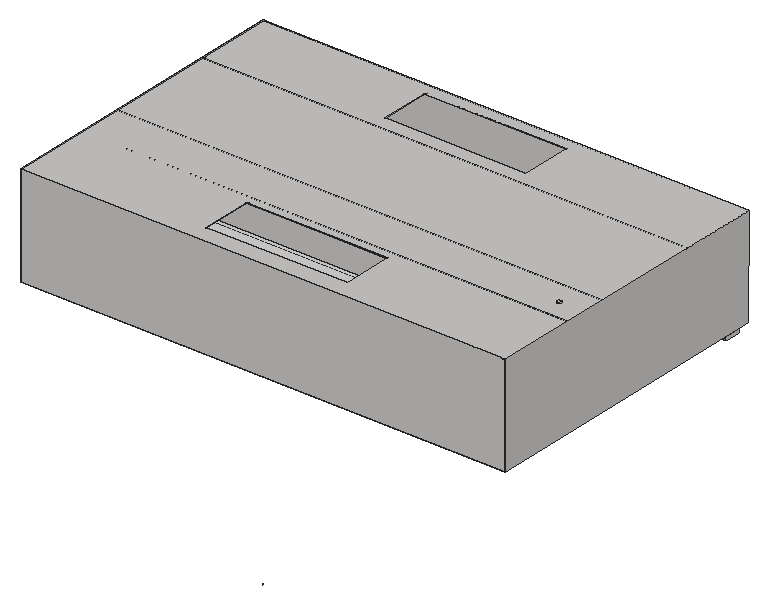
Revit family "QF_ELECTROLUXPROFESSIONAL_641260_STPF1524", category Attrezzature speciali, Revit 2021
Family settings
  Quota connettore circolare = Usa diametro
  Tipo di parte = Normale
  Basato su piano di lavoro = No
  Sempre verticale = Sì
  Taglio con vuoti quando caricato = No
  Condiviso = No
  Punto di calcolo locali = No
Parameters (values of type "Standard")
  Weight = 160.00 kg
  Watts = 160 W
  Volts = 220 V
  URL Manufacturer = "https://www.electroluxprofessional.com/"
  URL = "https://www.electroluxprofessional.com/"
  Steam Supply Size = 0 mm
  Steam Supply Minimum Pressure = 0.0 Pa
  Steam Supply Maximum Pressure = 0.0 Pa
  Steam Consumption per Hour = 0
  Refrigeration Suction Line Size = 0 mm
  Refrigeration Liquid Line Size = 0 mm
  Refrigerant Compressor Remote = yes
  Prospetto di default = 0 mm
  Produttore = "Electrolux Professional"
  Phase = 1
  Modello = "STPF1524"
  Length Actual = 2400 mm  # constant formula
  Item Number = "641260"
  Hot Water Size = 0 mm
  Height Actual = 500 mm  # constant formula
  HP = "0.2 HP"
  Gas Size = 0 mm
  Gas KW = 0
  Gas Input Pressure = 0 W
  Direct Waste Size = 0 mm
  Descrizione = "304 S/S WALL HOOD+FILTERS+LAMPS 240X150"
  Depth Actual = 1500 mm  # constant formula
  Cycle = 50 Hz
  Condensate Return Size = 0 mm
  Compressed Air Volume = 0.0 L/s
  Compressed Air Size = 0 mm
  Compressed Air Pressure = 0.0 Pa
  Cold Water Size = 0 mm
  Accessory = yes
Reference planes
  plane 1: z = 0
  plane 2 "Center (Left/Right)": x = 150
  plane 3 "LEFT": x = -1050
  plane 4 "RIGHT": x = 1350
  plane 5 "BACK": y = 550
  plane 6 "TOP": z = 2500
  plane 7 "Base": z = 2000
  plane 8: z = 1955
  plane 9 "DrainY": y = 490
  plane 10: x = -1047
  plane 11 "DrainX": x = 1230
  plane 12 "AOLeft2": x = 500
  plane 13: x = 1347
  plane 14: x = -850
  plane 15: x = 1150
  plane 16 "Center (Front/Back)": y = -100
  plane 17 "Front": y = -950
  plane 18 "AOLeft1": x = -200
  plane 19: y = -864
  plane 20: y = -614
  plane 21: y = 240
  plane 22: y = 490
  plane 23 "EI_y": y = -470
  plane 24 "EIx": x = 1230
Forms (mm)
  Extrusion 1, solid, material "QF_Finishes_Stainless Steel"
    sketch origin (-1050, 0, 360) x (0, 1, 0) y (0, 0, 1)
      loop
        line (550, 1640) -> (550, 2140) -> (-950, 2140) -> (-950, 1640) -> (550, 1640)
    from 0 to 3
  Extrusion 2, solid, material "QF_Finishes_Stainless Steel"
    sketch origin (1350, 0, 360) x (0, 1, 0) y (0, 0, 1)
      loop
        line (550, 1640) -> (550, 2140) -> (-950, 2140) -> (-950, 1640) -> (550, 1640)
    from 0 to -3
  Extrusion 3, solid, material "QF_Finishes_Stainless Steel"
    sketch origin (150, 0, 360) x (0, 1, 0) y (0, 0, 1)
      loop
        line (-950, 2140) -> (-950, 1640) -> (-940, 1640) -> (-940, 1640.8) -> (-949.2, 1640.8) -> (-949.2, 2139.19) -> (549.2, 2139.19) -> (549.2, 1640.8) -> (540, 1640.8) -> (540, 1640) -> (550, 1640) -> (550, 2140) -> (-950, 2140)
    from -1200 to 1200
  Extrusion 4, solid, material "QF_Finishes_Stainless Steel"
    sketch origin (0, 0, 2000) x (0, 1, 0) y (-1, 0, 0)
      loop
        circle (490, -1230) r 4.763
    from -30 to 0
  Extrusion 5, void
    sketch origin (0, 0, 2500) x (0, 1, 0) y (-1, 0, 0)
      loop
        line (-614, -500) -> (-614, 200) -> (-864, 200) -> (-864, -500) -> (-614, -500)
    from 0 to -10
  Extrusion 6, solid, material "QF_Finishes_Stainless Steel"
    sketch origin (0, 0, 0) x (1, 0, 0) y (0, 1, 0)
      loop
        line (-1050, 550) -> (-1050, 549) -> (-1049, 549) -> (-1049, 550) -> (-1050, 550)
    from 0 to 1
  Extrusion 7, solid, material "QF_LAMPS"
    sketch origin (150, 0, 360) x (0, 1, 0) y (0, 0, 1)
      loop
        line (-572.823, 1962.324) -> (-418.948, 2086.929) -> (-427.129, 2097.032) -> (-581.003, 1972.426) -> (-572.823, 1962.324)
    from 1197 to -1197
  Sweep 8, solid, material "QF_Finishes_Stainless Steel"
    path origin (0, 0, 0) x (1, 0, 0) y (0, 1, 0)
      loop
        line (1350, 550) -> (-1050, 550) -> (-1050, -950) -> (1350, -950) -> (1350, 550)
    profile origin (1350, -200, 0) x (1, 0, 0) y (0, 0, 1)
      loop
        line (-3, 2000) -> (-3, 2000.8) -> (-19, 2000.8) -> (-19, 2010) -> (-20, 2010) -> (-20, 2000) -> (-3, 2000)
  Extrusion 9, solid, material "QF_Finishes_Stainless Steel"
    sketch origin (150, 0, 0) x (0, 1, 0) y (0, 0, 1)
      loop
        line (414.66, 2095.469) -> (440.643, 2110.471) -> (261.744, 2411.771) -> (235.948, 2396.455) -> (414.66, 2095.469)
    from -1197 to -1000
  Extrusion 10, solid, material "QF_Finishes_Stainless Steel"
    sketch origin (1230, 0, 0) x (0, 1, 0) y (0, 0, 1)
      loop
        line (539, 2000) -> (441, 2000) -> (441, 1989) -> (448.5, 1989) -> (448.5, 1965)
        arc (448.5, 1965) -> (451.429, 1957.929) -> (458.5, 1955) r 10
        line (458.5, 1955) -> (521.5, 1955)
        arc (521.5, 1955) -> (528.571, 1957.929) -> (531.5, 1965) r 10
        line (531.5, 1965) -> (531.5, 1989) -> (539, 1989) -> (539, 2000)
    from 90 to -90
  Extrusion 11, solid, material "QF_Finishes_Stainless Steel"
    sketch origin (150, 0, 0) x (0, 1, 0) y (0, 0, 1)
      loop
        line (414.66, 2095.469) -> (440.643, 2110.471) -> (261.744, 2411.771) -> (235.948, 2396.455) -> (414.66, 2095.469)
    from 1000 to 1197
  Extrusion 12, solid, material "QF_Finished_Chrome"
    sketch origin (150, 0, 0) x (0, 1, 0) y (0, 0, 1)
      loop
        line (414.66, 2095.469) -> (440.643, 2110.471) -> (261.744, 2411.771) -> (235.948, 2396.455) -> (414.66, 2095.469)
    from -1000 to 1000
  Extrusion 13, void
    sketch origin (0, 1180, 2500) x (0, 1, 0) y (-1, 0, 0)
      loop
        line (-690, -500) -> (-690, 200) -> (-940, 200) -> (-940, -500) -> (-690, -500)
    from 0 to -10
  Extrusion 14, solid, material "QF_Finishes_Stainless Steel"
    sketch origin (0, 0, 2500) x (0, 1, 0) y (-1, 0, 0)
      loop
        circle (-470, -1230) r 10
    from 0 to 1.6
  Extrusion 15, solid, material "QF_Finishes_Stainless Steel"
    sketch origin (150, 0, 360) x (0, 1, 0) y (0, 0, 1)
      loop
        line (430.005, 1640) -> (540, 1640) -> (540, 1640.8) -> (430.467, 1640.8) -> (371.906, 1742.23) -> (414.858, 1734.657) -> (442.266, 1750.481) -> (442.266, 1765.943) -> (441.466, 1765.943) -> (441.466, 1750.943) -> (414.709, 1735.495) -> (321.153, 1751.991) -> (320.875, 1750.416) -> (371.4, 1741.507) -> (430.005, 1640)
      loop
        line (172.529, 2139.19) -> (242.893, 2017.316) -> (245.133, 2018.715) -> (240.13, 2027.381) -> (238.569, 2026.405) -> (173.453, 2139.19) -> (172.529, 2139.19)
    from -1197 to 1197
  Extrusion 16, solid, material "QF_Finishes_Stainless Steel"
    sketch origin (150, 200.8, 360) x (0, 1, 0) y (0, 0, 1)
      loop
        line (-1150, 2139.19) -> (-1150, 1640) -> (-1086.602, 1640) -> (-999.146, 1690.493) -> (-1010.058, 1709.394) -> (-1066.564, 1676.77) -> (-1114.704, 1680.982) -> (-1149.2, 1730.248) -> (-1149.2, 2139.19) -> (-1150, 2139.19)
      loop
        line (-773.6, 1961.694) -> (-781.937, 1971.99) -> (-769.095, 1982.182) -> (-769.095, 2139.19) -> (-769.895, 2139.19) -> (-769.895, 1982.569) -> (-1082.298, 1734.63) -> (-1071.091, 1720.79) -> (-773.6, 1961.694)
      loop
        line (-627.61, 2099.216) -> (-618.171, 2087.559) -> (-554.411, 2139.19) -> (-555.682, 2139.19) -> (-618.052, 2088.684) -> (-626.989, 2099.719) -> (-627.61, 2099.216)
    from -1197 to 1197
  Extrusion 17, solid, material "QF_Finishes_Stainless Steel"
    sketch origin (0, 0, 2500) x (0, 1, 0) y (-1, 0, 0)
      loop
        circle (-470, -1230) r 10
    from 0 to 1.6
Cuts and joins
  Extrusion 5, Extrusion 13 cuts Extrusion 3
  joined: Extrusion 2, Extrusion 3, Sweep 8
Lines and regions (mm)
  symbolic lines, style "SpecialityEquipment", detail levels coarse
    curve 1: line (1350, 550, 2500) -> (-1050, 550, 2500)
    curve 2: line (-1050, 550, 2500) -> (-1050, -950, 2500)
    curve 3: line (1350, -950, 2500) -> (1350, 550, 2500)
    curve 4: line (-1050, 550, 0) -> (1350, -950, 0)
    curve 5: line (1350, 550, 0) -> (-1050, -950, 0)
    curve 6: line (-1050, -950, 0) -> (1350, -950, 0)
  symbolic lines, detail levels coarse
    curve 7: line (-200, 240, 2500) -> (500, 240, 2500)
    curve 8: line (-200, 490, 2500) -> (-200, 240, 2500)
    curve 9: line (500, 490, 2500) -> (-200, 490, 2500)
    curve 10: line (500, 240, 2500) -> (500, 490, 2500)
    curve 11: line (-200, -614, 2500) -> (500, -614, 2500)
    curve 12: line (-200, -864, 2500) -> (-200, -614, 2500)
    curve 13: line (500, -864, 2500) -> (-200, -864, 2500)
    curve 14: line (500, -614, 2500) -> (500, -864, 2500)
Dimensions and locks
  plane 3 "LEFT" to plane 4 "RIGHT" = 2400 mm
  equal spacing: plane 3 "LEFT", plane 2 "Center (Left/Right)", plane 4 "RIGHT"
  plane 7 "Base" to plane 8 = 45 mm
  plane 5 "BACK" to plane 9 "DrainY" = 60 mm  (x2)
  plane 3 "LEFT" to plane 10 = 3 mm
  plane 11 "DrainX" to plane 4 "RIGHT" = 120 mm
  plane 13 to plane 4 "RIGHT" = 3 mm
  plane 3 "LEFT" to plane 14 = 200 mm
  plane 15 to plane 4 "RIGHT" = 200 mm
  locked: plane 7 "Base" to level at 2000
  locked: plane 6 "TOP" to plane 7 "Base" at 500
  locked: plane 18 "AOLeft1" to plane 12 "AOLeft2" at 700
  locked: plane 20 to plane 19 at 250
  locked: plane 19 to plane 17 "Front" at 86
  locked: plane 22 to plane 21 at 250
  locked: plane 5 "BACK" to plane 22 at 60
  locked: plane 23 "EI_y" to plane 17 "Front" at 480
  locked: plane 24 "EIx" to plane 4 "RIGHT" at 120
  locked: plane 5 "BACK" to plane 17 "Front" at 1500
  plane 5 "BACK" to plane 17 "Front" = 1500 mm
  equal spacing: plane 18 "AOLeft1", plane 2 "Center (Left/Right)", plane 12 "AOLeft2"
  aligned and locked: level to plane 1
  aligned and locked: plane 4 "RIGHT" to Extrusion 3
  aligned and locked: Extrusion 3 to plane 3 "LEFT"
  aligned and locked: Extrusion 2 to plane 13
  aligned and locked: Extrusion 9 to plane 10
  aligned and locked: Extrusion 5 to plane 18 "AOLeft1"
  aligned and locked: Extrusion 5 to plane 12 "AOLeft2"
  aligned and locked: plane 14 to Extrusion 9
  aligned and locked: plane 15 to Extrusion 11
  aligned and locked: plane 13 to Extrusion 11
  aligned and locked: Extrusion 12 to plane 14
  aligned and locked: Extrusion 12 to plane 15
  aligned and locked: plane 13 to Extrusion 7
  aligned and locked: Extrusion 7 to plane 10
  aligned and locked: Extrusion 13 to plane 21
  aligned and locked: plane 22 to Extrusion 13
  aligned and locked: Extrusion 13 to plane 18 "AOLeft1"
  aligned and locked: Extrusion 13 to plane 12 "AOLeft2"
  aligned and locked: Extrusion 15 to plane 10
  aligned and locked: plane 13 to Extrusion 15
  aligned and locked: Extrusion 5 to plane 19
  aligned and locked: plane 20 to Extrusion 5
  aligned and locked: Extrusion 16 to plane 10
  aligned and locked: plane 13 to Extrusion 16
Automatic sketch dimensions
  curve 6 to plane 3 "LEFT" = 0 mm
  curve 4 to plane 3 "LEFT" = 0 mm
  curve 5 to plane 4 "RIGHT" = 0 mm
  curve 6 to plane 4 "RIGHT" = 0 mm
  curve 4 to plane 17 "Front" = 0 mm
  curve 5 to plane 5 "BACK" = 0 mm
  curve 4 to plane 5 "BACK" = 0 mm
  Extrusion 1 sketch curve to plane 7 "Base" = 0 mm
  Extrusion 1 sketch curve to plane 17 "Front" = 0 mm
  Extrusion 1 sketch curve to plane 5 "BACK" = 0 mm
  Extrusion 1 sketch curve to plane 6 "TOP" = 0 mm
  Extrusion 2 sketch curve to plane 7 "Base" = 0 mm
  Extrusion 2 sketch curve to plane 17 "Front" = 0 mm
  Extrusion 2 sketch curve to plane 5 "BACK" = 0 mm
  Extrusion 2 sketch curve to plane 6 "TOP" = 0 mm
  Extrusion 3 sketch curve to plane 6 "TOP" = 0 mm
  Extrusion 3 sketch curve to plane 17 "Front" = 0 mm
  Extrusion 3 sketch curve to plane 7 "Base" = 0 mm  (x2)
  Extrusion 3 sketch curve to plane 5 "BACK" = 0 mm
  plane 17 "Front" to Extrusion 3 sketch curve = 0.8 mm
  Extrusion 3 sketch curve to Extrusion 3 sketch curve = 9.2 mm
  plane 7 "Base" to Extrusion 3 sketch curve = 0.8 mm  (x2)
  Extrusion 3 sketch curve to plane 5 "BACK" = 10 mm
  Extrusion 3 sketch curve to plane 5 "BACK" = 0.8 mm
  Extrusion 3 sketch curve to plane 6 "TOP" = 0.81 mm
  Extrusion 4 sketch curve to plane 9 "DrainY" = 0 mm
  Extrusion 4 sketch curve to plane 11 "DrainX" = 0 mm
  Extrusion 5 sketch curve to plane 12 "AOLeft2" = 0 mm
  Extrusion 5 sketch curve to plane 19 = 0 mm
  Extrusion 5 sketch curve to plane 20 = 0 mm
  Extrusion 5 sketch curve to plane 18 "AOLeft1" = 0 mm
  Extrusion 6 sketch curve to plane 3 "LEFT" = 0 mm
  Extrusion 6 sketch curve to plane 5 "BACK" = 0 mm
  plane 3 "LEFT" to Extrusion 6 sketch curve = 1 mm
  Extrusion 6 sketch curve to Extrusion 6 sketch curve = 1 mm
  plane 20 to Extrusion 7 sketch curve = 32.997 mm
  Extrusion 7 sketch curve to Extrusion 7 sketch curve = 8.181 mm  (x2)
  plane 23 "EI_y" to Extrusion 7 sketch curve = 42.871 mm
  Extrusion 7 sketch curve to plane 6 "TOP" = 177.676 mm
  Extrusion 7 sketch curve to Extrusion 7 sketch curve = 10.102 mm
  Extrusion 7 sketch curve to plane 6 "TOP" = 53.071 mm
  Extrusion 7 sketch curve to Extrusion 7 sketch curve = 10.103 mm
  Sweep 8 sketch curve to plane 3 "LEFT" = 0 mm
  Sweep 8 sketch curve to plane 4 "RIGHT" = 0 mm
  Sweep 8 sketch curve to plane 17 "Front" = 0 mm
  Sweep 8 sketch curve to plane 5 "BACK" = 0 mm
  profile plane to Sweep 8 sketch curve = 20 mm
  Sweep 8 sketch curve to Sweep 8 sketch curve = 1 mm
  profile plane to Sweep 8 sketch curve = 3 mm
  level to Sweep 8 sketch curve = 2000 mm
  Sweep 8 sketch curve to Sweep 8 sketch curve = 0.8 mm
  Sweep 8 sketch curve to Sweep 8 sketch curve = 9.2 mm
  Extrusion 9 sketch curve to plane 21 = 4.052 mm
  plane 21 to Extrusion 9 sketch curve = 21.744 mm
  Extrusion 9 sketch curve to plane 9 "DrainY" = 75.34 mm
  Extrusion 9 sketch curve to Extrusion 9 sketch curve = 25.983 mm
  plane 7 "Base" to Extrusion 9 sketch curve = 95.469 mm
  Extrusion 9 sketch curve to Extrusion 9 sketch curve = 15.001 mm
  Extrusion 9 sketch curve to plane 6 "TOP" = 103.545 mm
  Extrusion 9 sketch curve to Extrusion 9 sketch curve = 15.316 mm
  Extrusion 10 sketch curve to plane 8 = 0 mm
  Extrusion 10 sketch curve to plane 7 "Base" = 11 mm  (x2)
  Extrusion 10 sketch curve to plane 9 "DrainY" = 49 mm
  Extrusion 10 sketch curve to Extrusion 10 sketch curve = 7.5 mm  (x2)
  Extrusion 10 sketch curve to Extrusion 10 sketch curve = 10 mm
  Extrusion 10 sketch curve to plane 5 "BACK" = 28.5 mm
  Extrusion 10 sketch curve to plane 5 "BACK" = 18.5 mm
  plane 7 "Base" to Extrusion 10 sketch curve = 0 mm
  Extrusion 11 sketch curve to plane 21 = 4.052 mm
  plane 21 to Extrusion 11 sketch curve = 21.744 mm
  Extrusion 11 sketch curve to plane 9 "DrainY" = 75.34 mm
  Extrusion 11 sketch curve to Extrusion 11 sketch curve = 25.983 mm
  plane 7 "Base" to Extrusion 11 sketch curve = 95.469 mm
  Extrusion 11 sketch curve to Extrusion 11 sketch curve = 15.001 mm
  Extrusion 11 sketch curve to plane 6 "TOP" = 103.545 mm
  Extrusion 11 sketch curve to Extrusion 11 sketch curve = 15.316 mm
  Extrusion 12 sketch curve to plane 21 = 4.052 mm
  plane 21 to Extrusion 12 sketch curve = 21.744 mm
  Extrusion 12 sketch curve to plane 9 "DrainY" = 75.34 mm
  Extrusion 12 sketch curve to Extrusion 12 sketch curve = 25.983 mm
  plane 7 "Base" to Extrusion 12 sketch curve = 95.469 mm
  Extrusion 12 sketch curve to Extrusion 12 sketch curve = 15.001 mm
  Extrusion 12 sketch curve to plane 6 "TOP" = 103.545 mm
  Extrusion 12 sketch curve to Extrusion 12 sketch curve = 15.316 mm
  Extrusion 13 sketch curve to plane 12 "AOLeft2" = 0 mm
  Extrusion 13 sketch curve to plane 21 = 0 mm
  Extrusion 13 sketch curve to plane 9 "DrainY" = 0 mm
  Extrusion 13 sketch curve to plane 18 "AOLeft1" = 0 mm
  Extrusion 14 sketch curve to plane 23 "EI_y" = 0 mm
  Extrusion 14 sketch curve to plane 24 "EIx" = 0 mm
  Extrusion 15 sketch curve to plane 7 "Base" = 0 mm
  Extrusion 15 sketch curve to plane 6 "TOP" = 0.81 mm
  Extrusion 15 sketch curve to plane 21 = 67.471 mm
  Extrusion 15 sketch curve to Extrusion 15 sketch curve = 0.924 mm
  Extrusion 15 sketch curve to plane 21 = 1.431 mm
  plane 21 to Extrusion 15 sketch curve = 0.13 mm
  plane 21 to Extrusion 15 sketch curve = 2.893 mm
  Extrusion 15 sketch curve to Extrusion 15 sketch curve = 2.24 mm
  plane 21 to Extrusion 15 sketch curve = 80.875 mm
  Extrusion 15 sketch curve to Extrusion 15 sketch curve = 0.278 mm
  Extrusion 15 sketch curve to Extrusion 15 sketch curve = 50.525 mm
  Extrusion 15 sketch curve to Extrusion 15 sketch curve = 0.506 mm
  Extrusion 15 sketch curve to Extrusion 15 sketch curve = 42.803 mm
  Extrusion 15 sketch curve to Extrusion 15 sketch curve = 0.148 mm
  Extrusion 15 sketch curve to plane 9 "DrainY" = 59.995 mm
  plane 7 "Base" to Extrusion 15 sketch curve = 0.8 mm
  Extrusion 15 sketch curve to Extrusion 15 sketch curve = 0.462 mm  (x2)
  Extrusion 15 sketch curve to Extrusion 15 sketch curve = 109.533 mm
  Extrusion 15 sketch curve to Extrusion 15 sketch curve = 26.757 mm
  Extrusion 15 sketch curve to Extrusion 15 sketch curve = 0.8 mm
  plane 7 "Base" to Extrusion 15 sketch curve = 94.657 mm
  Extrusion 15 sketch curve to Extrusion 15 sketch curve = 0.838 mm
  Extrusion 15 sketch curve to Extrusion 15 sketch curve = 6.012 mm
  Extrusion 15 sketch curve to Extrusion 15 sketch curve = 0.723 mm
  Extrusion 15 sketch curve to Extrusion 15 sketch curve = 14.986 mm
  Extrusion 15 sketch curve to Extrusion 15 sketch curve = 15 mm
  Extrusion 15 sketch curve to plane 6 "TOP" = 122.684 mm
  Extrusion 15 sketch curve to Extrusion 15 sketch curve = 1.399 mm
  Extrusion 15 sketch curve to Extrusion 15 sketch curve = 9.089 mm
  Extrusion 15 sketch curve to Extrusion 15 sketch curve = 0.975 mm
  Extrusion 16 sketch curve to plane 7 "Base" = 0 mm
  plane 17 "Front" to Extrusion 16 sketch curve = 0.8 mm
  Extrusion 16 sketch curve to Extrusion 16 sketch curve = 0.8 mm  (x2)
  plane 17 "Front" to Extrusion 16 sketch curve = 36.096 mm
  Extrusion 16 sketch curve to plane 19 = 21.802 mm
  Extrusion 16 sketch curve to plane 19 = 17.498 mm
  Extrusion 16 sketch curve to plane 19 = 6.291 mm
  Extrusion 16 sketch curve to plane 19 = 1.764 mm
  plane 19 to Extrusion 16 sketch curve = 54.742 mm
  Extrusion 16 sketch curve to Extrusion 16 sketch curve = 10.912 mm
  plane 20 to Extrusion 16 sketch curve = 32.863 mm
  Extrusion 16 sketch curve to Extrusion 16 sketch curve = 8.337 mm
  Extrusion 16 sketch curve to Extrusion 16 sketch curve = 12.042 mm
  plane 23 "EI_y" to Extrusion 16 sketch curve = 43.19 mm
  Extrusion 16 sketch curve to Extrusion 16 sketch curve = 0.622 mm
  Extrusion 16 sketch curve to Extrusion 16 sketch curve = 9.44 mm
  Extrusion 16 sketch curve to Extrusion 16 sketch curve = 0.118 mm
  Extrusion 16 sketch curve to plane 6 "TOP" = 0.81 mm  (x3)
  Extrusion 16 sketch curve to Extrusion 16 sketch curve = 62.37 mm
  Extrusion 16 sketch curve to Extrusion 16 sketch curve = 1.271 mm
  plane 7 "Base" to Extrusion 16 sketch curve = 36.77 mm
  plane 7 "Base" to Extrusion 16 sketch curve = 40.982 mm
  plane 7 "Base" to Extrusion 16 sketch curve = 50.493 mm
  Extrusion 16 sketch curve to Extrusion 16 sketch curve = 18.901 mm
  Extrusion 16 sketch curve to Extrusion 16 sketch curve = 44.02 mm
  Extrusion 16 sketch curve to Extrusion 16 sketch curve = 49.266 mm
  Extrusion 16 sketch curve to Extrusion 16 sketch curve = 13.84 mm
  Extrusion 16 sketch curve to plane 6 "TOP" = 178.306 mm
  Extrusion 16 sketch curve to Extrusion 16 sketch curve = 10.296 mm
  Extrusion 16 sketch curve to Extrusion 16 sketch curve = 10.192 mm
  Extrusion 16 sketch curve to Extrusion 16 sketch curve = 0.386 mm
  Extrusion 16 sketch curve to plane 6 "TOP" = 52.441 mm
  Extrusion 16 sketch curve to Extrusion 16 sketch curve = 1.125 mm
  Extrusion 17 sketch curve to plane 23 "EI_y" = 0 mm
  Extrusion 17 sketch curve to plane 24 "EIx" = 0 mm
  curve 2 to plane 3 "LEFT" = 0 mm
  curve 2 to plane 17 "Front" = 0 mm
  curve 3 to plane 4 "RIGHT" = 0 mm
  curve 3 to plane 17 "Front" = 0 mm
  curve 13 to plane 18 "AOLeft1" = 0 mm
  curve 13 to plane 19 = 0 mm
  curve 14 to plane 12 "AOLeft2" = 0 mm
  curve 14 to plane 20 = 0 mm
  curve 7 to plane 18 "AOLeft1" = 0 mm
  curve 7 to plane 21 = 0 mm
  curve 8 to plane 9 "DrainY" = 0 mm
  curve 2 to plane 5 "BACK" = 0 mm
  curve 10 to plane 12 "AOLeft2" = 0 mm
  radius of Extrusion 4 sketch curve = 4.763 mm
  radius of Extrusion 14 sketch curve = 10 mm
  radius of Extrusion 17 sketch curve = 10 mm
Connectors
  piping at (1230, 490, 1970), diameter 9.5
    settings: on Extrusion 4, index 1, connector inside diameter 609.6 mm, connector length 0 mm, flow factor 0, pipe flow 0.0 L/s, pressure drop 0.0 Pa, fitting loss kfactor 0, connector angle 0.00°, fixture units 0, engagement length 0 mm, angle of deflection 0.00°, flow configuration 1, flow direction 2, fitting loss method 0, system type 16, joint type 0, gender type 0, connector reference index -1, connector utility 0, adjustable connector no, is connector primary yes, connector description "Drain"
  hvac at (150, -739, 2500)
    settings: on Extrusion 5, index 2, duct flow 0.0 L/s, flow factor 0, pres drop 0.0 Pa, loss coef 0, conn angle 0.00°, conn width 250 mm, conn height 700 mm, conn diameter 609.6 mm, duct sys type 1, conn prof type 1, flow config 1, flow direction 1, loss method 0, conn ref index -1, conn util no, is conn primary yes, conn desc "AIR INLET"
  hvac at (150, 365, 2500)
    settings: on Extrusion 13, index 4, duct flow 0.0 L/s, flow factor 0, pres drop 0.0 Pa, loss coef 0, conn angle 0.00°, conn width 250 mm, conn height 700 mm, conn diameter 609.6 mm, duct sys type 3, conn prof type 1, flow config 1, flow direction 2, loss method 0, conn ref index -1, conn util no, is conn primary no, conn desc "EXHAUST OUTLET"
  electrical at (1230, -470, 2501.6), driven by "Volts"
    settings: on Extrusion 14, index 6, voltage 220 V, apparent load 0 VA, apparent load phase1 0 VA, apparent load phase2 0 VA, apparent load phase3 0 VA, power factor 1, load classification "Other", number of poles 1, system type 30, power factor state 1, is connector primary yes, connector utility no, sub classification motor no, connector description "Electrical Connection"
  electrical at (1230, -470, 2501.6)
    settings: on Extrusion 17, index 12, voltage 0 V, apparent load 0 VA, apparent load phase1 0 VA, apparent load phase2 0 VA, apparent load phase3 0 VA, power factor 1, load classification "Other", number of poles 1, system type 30, power factor state 1, is connector primary no, connector utility no, sub classification motor no, connector description ""
